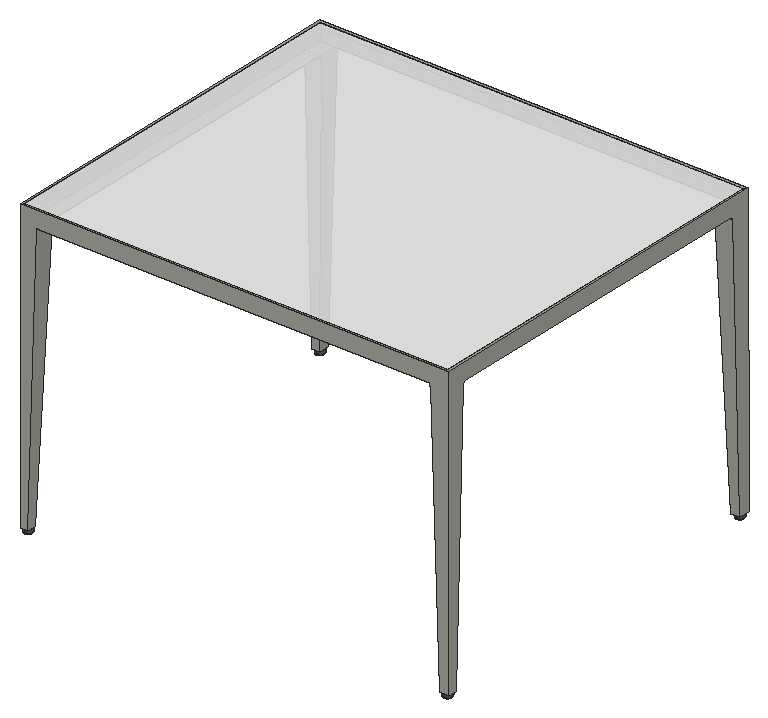
Revit family "Haworth_Janus_Slant_Table_Continental", category Furniture, Revit 2018
Family settings
  OmniClass Number = 23.40.70.14.64.21
  OmniClass Title = Systems Furniture
  Work Plane-Based = No
  Always vertical = Yes
  Cut with Voids When Loaded = No
  Shared = No
  Room Calculation Point = No
Parameters (values of type "HCJC-SL-TOR36-G")
  Warranty = "https://www.haworth.com/resources/product-info/warranties"
  URL - Product = "https://www.haworth.com/products/tables/outdoor/slant"
  Trim Finish [instance] = Haworth _ Paint _ Slant _ Sable
  Top Finish = Haworth _ Glass _ Frosted
  Standard Height = "24.75 in."  # constant formula
  Standard Depths = "31.5 in."  # constant formula
  Model = "HCJC-SL-TOR36-G"
  URL = "http://www.haworth.com/our-brands/haworth-collection"
  Size = "Verify Final Dim. w/ Haworth"  # constant formula
  Revision Number = "2"  # constant formula
  Manufacturer = "Haworth"  # constant formula
  Glide Finish = Haworth _ Polymer _ Black
  Description = "Haworth Janus Slant Continental Table"
  Author = "Haworth (Abd Rahman)"  # constant formula
  Assembly Code = "E2020200"
  Actual Width = 36"  # constant formula
  Actual Height = 24 3/4"  # constant formula
  Table Thickness = Actual Height - 3/8"  # 24 3/8"
  Actual Depth = 31 1/2"  # constant formula
Reference planes (in)
  plane 1 "Center F/B": y = -0.15866
  plane 2 "Floor": z = 0
  plane 3 "Center L/R": x = 0
  plane 4 "Table Edge Left": x = -18
  plane 5 "Table Edge Right": x = 18
  plane 6 "Table Edge Back": y = -15.90866
  plane 7 "Table Edge Front": y = 15.59134
  plane 8 "Table Top Top": z = 24.75
  plane 9: z = 0
  plane 10 "Table Bottom": z = 23.36407
  plane 11: z = 0.35028
  plane 12: z = 24.375
Forms (in)
  Extrusion 1, solid, material "Haworth _ Glass _ Frosted" <- "Top Finish"
    sketch origin (0, 0, 0) x (1, 0, 0) y (0, 1, 0)
      loop
        line (-17.80252, 15.34833) -> (-17.80252, -15.75671) -> (17.80255, -15.75671) -> (17.80255, 15.34833) -> (-17.80252, 15.34833)
    from 24.375 to 24.75
  Extrusion 2, solid, material "Haworth _ Paint _ Slant _ Sable" <- "Trim Finish"
    sketch origin (0, 0, 0) x (0, 1, 0) y (0, 0, 1)
      loop
        line (14.74731, 0.35028) -> (15.59134, 0.35028) -> (15.59134, 23.36407) -> (-15.90847, 23.36407) -> (-15.90847, 0.35028) -> (-15.15569, 0.35028) -> (-14.38624, 23.08191)
        arc (-14.38624, 23.08191) -> (-14.31072, 23.25433) -> (-14.13633, 23.32519) r 0.25
        line (-14.13633, 23.32519) -> (13.72795, 23.32519)
        arc (13.72795, 23.32519) -> (13.90483, 23.25193) -> (13.97809, 23.07505) r 0.25014
        line (13.97809, 23.07505) -> (14.74731, 0.35028)
    from 16.42522 to 18
  Extrusion 3, void
    sketch origin (0.03125, -0.15866, 0) x (1, 0, 0) y (0, 0, 1)
      loop
        line (15.78453, 0.35028) -> (17.21028, 0.35028) -> (16.4408, 23.08336)
        arc (16.4408, 23.08336) -> (16.36005, 23.27413) -> (16.17343, 23.36407) r 0.29353
        line (16.17343, 23.36407) -> (15.78453, 23.36407) -> (15.78453, 0.35028)
    from -18.20848 to 17.19738
  Extrusion 4, solid, material "Haworth _ Paint _ Slant _ Sable" <- "Trim Finish"
    sketch origin (0, 0, 0) x (0, 1, 0) y (0, 0, -1)
      loop
        line (14.74731, -0.35028) -> (13.97809, -23.07505)
        arc (13.97809, -23.07505) -> (13.90483, -23.25193) -> (13.72795, -23.32519) r 0.25014
        line (13.72795, -23.32519) -> (-14.13633, -23.32519)
        arc (-14.13633, -23.32519) -> (-14.31072, -23.25433) -> (-14.38624, -23.08191) r 0.25
        line (-14.38624, -23.08191) -> (-15.15569, -0.35028) -> (-15.90866, -0.35028) -> (-15.90866, -23.36407) -> (15.59134, -23.36407) -> (15.59134, -0.35028) -> (14.74731, -0.35028)
    from 16.4241 to 18
  Extrusion 5, void
    sketch origin (-0.25, -0.15866, 0) x (-1, 0, 0) y (0, 0, -1)
      loop
        line (17.10462, -0.35028) -> (15.78453, -0.35028) -> (15.78453, -23.36407) -> (16.32564, -23.36407) -> (17.10462, -0.35028)
    from -18.20848 to 17.19738
  Extrusion 6, solid, material "Haworth _ Paint _ Slant _ Sable" <- "Trim Finish"
    sketch origin (0, 0, 0) x (1, 0, 0) y (0, 1, 0)
      loop
        line (-18, -15.75671) -> (-18, -15.90866) -> (18, -15.90866) -> (18, -15.75671) -> (-18, -15.75671)
    from 23.36407 to 24.75
  Extrusion 7, solid, material "Haworth _ Paint _ Slant _ Sable" <- "Trim Finish"
    sketch origin (0, -0.37982, 0) x (1, 0, 0) y (0, 1, 0)
      loop
        line (-18, 15.72814) -> (18, 15.72814) -> (18, 15.97116) -> (-18, 15.97116) -> (-18, 15.72814)
    from 23.36407 to 24.75
  Extrusion 8, solid, material "Haworth _ Paint _ Slant _ Sable" <- "Trim Finish"
    sketch origin (-2.08642, -2.42063, 0) x (0, -1, 0) y (1, 0, 0)
      loop
        line (-18.01198, -15.75671) -> (-18.01198, -15.90866) -> (13.48802, -15.90866) -> (13.48802, -15.75671) -> (-18.01198, -15.75671)
    from 23.36407 to 24.75
  Extrusion 9, solid, material "Haworth _ Paint _ Slant _ Sable" <- "Trim Finish"
    sketch origin (2.09094, -2.40866, 0) x (0, 1, 0) y (-1, 0, 0)
      loop
        line (-13.5, -15.75671) -> (-13.5, -15.90866) -> (18, -15.90866) -> (18, -15.75671) -> (-13.5, -15.75671)
    from 23.36407 to 24.75
  Extrusion 10, solid, material "Haworth _ Paint _ Slant _ Sable" <- "Trim Finish"
    sketch origin (-2.02967, -2.40866, 0) x (0, 1, 0) y (-1, 0, 0)
      loop
        line (-13.34805, 15.72814) -> (17.75699, 15.72814) -> (17.75699, 15.97116) -> (-13.34805, 15.97116) -> (-13.34805, 15.72814)
    from 23.36407 to 24.75
  Revolve 11, solid, material "Haworth _ Polymer _ Black" <- "Glide Finish"
    sketch origin (17.625, 30.70314, 0) x (0, 1, 0) y (0, 0, 1)
      loop
        line (-15.51102, 0.35028) -> (-15.88424, 0.35028) -> (-15.88424, 0.1)
        arc (-15.88424, 0.1) -> (-15.85495, 0.02929) -> (-15.78424, 0) r 0.1
        line (-15.78424, 0) -> (-15.51102, 0) -> (-15.51102, 0.35028)
      axis (-15.51102, 0.35028) -> (-15.51102, 0)
    angle from 0 to 360
  Revolve 12, solid, material "Haworth _ Polymer _ Black" <- "Glide Finish"
    sketch origin (-17.64062, 30.66413, 0) x (0, 1, 0) y (0, 0, -1)
      loop
        line (-15.51102, -0.35028) -> (-15.51102, 0) -> (-15.78424, 0)
        arc (-15.78424, 0) -> (-15.85495, -0.02929) -> (-15.88424, -0.1) r 0.1
        line (-15.88424, -0.1) -> (-15.88424, -0.35028) -> (-15.51102, -0.35028)
      axis (-15.51102, -0.35028) -> (-15.51102, 0)
    angle from 0 to 360
  Revolve 13, solid, material "Haworth _ Polymer _ Black" <- "Glide Finish"
    sketch origin (-17.63281, -31.02046, 0) x (0, -1, 0) y (0, 0, 1)
      loop
        line (-15.51102, 0.35028) -> (-15.88424, 0.35028) -> (-15.88424, 0.1)
        arc (-15.88424, 0.1) -> (-15.85495, 0.02929) -> (-15.78424, 0) r 0.1
        line (-15.78424, 0) -> (-15.51102, 0) -> (-15.51102, 0.35028)
      axis (-15.51102, 0.35028) -> (-15.51102, 0)
    angle from 0 to 360
  Revolve 14, solid, material "Haworth _ Polymer _ Black" <- "Glide Finish"
    sketch origin (17.60937, -31.02046, 0) x (0, -1, 0) y (0, 0, -1)
      loop
        line (-15.51102, -0.35028) -> (-15.51102, 0) -> (-15.78424, 0)
        arc (-15.78424, 0) -> (-15.85495, -0.02929) -> (-15.88424, -0.1) r 0.1
        line (-15.88424, -0.1) -> (-15.88424, -0.35028) -> (-15.51102, -0.35028)
      axis (-15.51102, -0.35028) -> (-15.51102, 0)
    angle from 0 to 360
Cuts and joins
  Extrusion 3, Extrusion 5 cuts Extrusion 2
  Extrusion 5 cuts Extrusion 4
  joined: Extrusion 2, Extrusion 4, Extrusion 6, Extrusion 7, Extrusion 8, Extrusion 9, Extrusion 10
Lines and regions (in)
  Masking region 1
    outline origin (0, 0, 0) x (1, 0, 0) y (0, 1, 0)
      loop
        line (-18, 15.59134) -> (-18, -15.90866) -> (18, -15.90866) -> (18, 15.59134) -> (-18, 15.59134)
Dimensions and locks (in)
  "Actual Width": plane 4 "Table Edge Left" to plane 5 "Table Edge Right"
  equal spacing: plane 4 "Table Edge Left", plane 3 "Center L/R", plane 5 "Table Edge Right"
  "Actual Depth": plane 7 "Table Edge Front" to plane 6 "Table Edge Back"
  equal spacing: plane 7 "Table Edge Front", plane 1 "Center F/B", plane 6 "Table Edge Back"
  "Actual Height": plane 9 to plane 8 "Table Top Top"
  "Actual Height": plane 8 "Table Top Top" to plane 9
  aligned and locked: plane 5 "Table Edge Right" to Extrusion 2
  aligned and locked: plane 6 "Table Edge Back" to Extrusion 4 sketch curve
  aligned and locked: plane 7 "Table Edge Front" to Extrusion 7 sketch curve
  aligned and locked: plane 6 "Table Edge Back" to Extrusion 6 sketch curve
  aligned and locked: Extrusion 6 to plane 10 "Table Bottom"
  aligned and locked: Extrusion 7 to plane 10 "Table Bottom"
  aligned and locked: plane 8 "Table Top Top" to Extrusion 7
  aligned and locked: plane 8 "Table Top Top" to Extrusion 6
  aligned and locked: Extrusion 4 sketch curve to plane 7 "Table Edge Front"
  aligned and locked: plane 10 "Table Bottom" to Extrusion 4 sketch curve
  aligned and locked: plane 7 "Table Edge Front" to Extrusion 8
  aligned and locked: Extrusion 8 to plane 6 "Table Edge Back"
  aligned and locked: Extrusion 2 sketch curve to plane 10 "Table Bottom"
  aligned and locked: plane 7 "Table Edge Front" to Extrusion 2 sketch curve
  aligned and locked: Extrusion 6 sketch curve to plane 5 "Table Edge Right"
  aligned and locked: plane 4 "Table Edge Left" to Extrusion 6 sketch curve
  aligned and locked: Extrusion 9 to plane 6 "Table Edge Back"
  aligned and locked: plane 4 "Table Edge Left" to Masking region 1 sketch curve
  aligned and locked: Masking region 1 sketch curve to plane 5 "Table Edge Right"
  aligned and locked: Masking region 1 sketch curve to plane 7 "Table Edge Front"
  aligned and locked: plane 6 "Table Edge Back" to Masking region 1 sketch curve
Automatic sketch dimensions
  plane 4 "Table Edge Left" to Extrusion 1 sketch curve = 0.19748"
  Extrusion 1 sketch curve to plane 5 "Table Edge Right" = 0.19745"
  plane 6 "Table Edge Back" to Extrusion 1 sketch curve = 0.15195"
  Extrusion 1 sketch curve to plane 7 "Table Edge Front" = 0.24301"
  Extrusion 2 sketch curve to plane 11 = 0"  (x2)
  Extrusion 2 sketch curve to Extrusion 2 sketch curve = 0.84404"
  Extrusion 2 sketch curve to plane 10 "Table Bottom" = 0.28902"
  Extrusion 2 sketch curve to plane 7 "Table Edge Front" = 1.61325"
  Extrusion 2 sketch curve to plane 10 "Table Bottom" = 0.03887"
  Extrusion 2 sketch curve to plane 10 "Table Bottom" = 0.28888"
  plane 6 "Table Edge Back" to Extrusion 2 sketch curve = 1.77233"
  Extrusion 2 sketch curve to plane 10 "Table Bottom" = 0.28216"
  plane 6 "Table Edge Back" to Extrusion 2 sketch curve = 0.75297"
  plane 6 "Table Edge Back" to Extrusion 2 sketch curve = 0.00018"
  Extrusion 3 sketch curve to plane 10 "Table Bottom" = 0"
  Extrusion 3 sketch curve to plane 11 = 0"
  Extrusion 3 sketch curve to plane 5 "Table Edge Right" = 2.18422"
  Extrusion 3 sketch curve to Extrusion 3 sketch curve = 0.36297"
  Extrusion 3 sketch curve to Extrusion 3 sketch curve = 0.02592"
  Extrusion 3 sketch curve to plane 10 "Table Bottom" = 0.28071"
  Extrusion 3 sketch curve to Extrusion 3 sketch curve = 0.2933"
  Extrusion 3 sketch curve to plane 5 "Table Edge Right" = 0.75847"
  Extrusion 4 sketch curve to plane 11 = 0"  (x2)
  plane 6 "Table Edge Back" to Extrusion 4 sketch curve = 0.75297"
  Extrusion 4 sketch curve to plane 10 "Table Bottom" = 0.28216"
  plane 6 "Table Edge Back" to Extrusion 4 sketch curve = 1.52241"
  Extrusion 4 sketch curve to plane 10 "Table Bottom" = 0.03887"
  Extrusion 4 sketch curve to Extrusion 4 sketch curve = 0.24991"
  Extrusion 4 sketch curve to plane 7 "Table Edge Front" = 1.86339"
  Extrusion 4 sketch curve to plane 10 "Table Bottom" = 0.28902"
  Extrusion 4 sketch curve to plane 7 "Table Edge Front" = 0.84404"
  Extrusion 5 sketch curve to plane 11 = 0"
  Extrusion 5 sketch curve to plane 10 "Table Bottom" = 0"
  Extrusion 5 sketch curve to plane 4 "Table Edge Left" = 1.96547"
  Extrusion 5 sketch curve to Extrusion 5 sketch curve = 0.54111"
  Extrusion 5 sketch curve to plane 4 "Table Edge Left" = 0.64538"
  Extrusion 6 sketch curve to Extrusion 6 sketch curve = 0.15195"
  Extrusion 7 sketch curve to plane 4 "Table Edge Left" = 0"
  Extrusion 7 sketch curve to plane 5 "Table Edge Right" = 0"
  plane 7 "Table Edge Front" to Extrusion 7 sketch curve = 0.24301"
  Extrusion 8 sketch curve to plane 7 "Table Edge Front" = 0"
  Extrusion 8 sketch curve to plane 6 "Table Edge Back" = 0"
  plane 4 "Table Edge Left" to Extrusion 8 sketch curve = 0.00492"
  Extrusion 8 sketch curve to Extrusion 8 sketch curve = 0.15195"
  Extrusion 9 sketch curve to plane 6 "Table Edge Back" = 0"
  Extrusion 9 sketch curve to plane 7 "Table Edge Front" = 0"
  Extrusion 9 sketch curve to plane 5 "Table Edge Right" = 0.0004"
  Extrusion 9 sketch curve to Extrusion 9 sketch curve = 0.15195"
  plane 4 "Table Edge Left" to Extrusion 10 sketch curve = 0.00083"
  Extrusion 10 sketch curve to plane 6 "Table Edge Back" = 0.15195"
  plane 7 "Table Edge Front" to Extrusion 10 sketch curve = 0.24301"
  Extrusion 10 sketch curve to plane 4 "Table Edge Left" = 31/128"
  Revolve 11 sketch curve to plane 11 = 0"  (x2)
  Revolve 11 sketch curve to level = 0"  (x2)
  Revolve 11 sketch curve to plane 7 "Table Edge Front" = 0.77244"
  Revolve 11 sketch curve to Revolve 11 sketch curve = 0.1"
  Revolve 11 sketch curve to Revolve 11 sketch curve = 0.27321"
  Revolve 11 sketch curve to Revolve 11 sketch curve = 0"
  Revolve 12 sketch curve to plane 11 = 0"  (x2)
  Revolve 12 sketch curve to level = 0"  (x2)
  Revolve 12 sketch curve to plane 7 "Table Edge Front" = 0.81145"
  Revolve 12 sketch curve to Revolve 12 sketch curve = 0.1"
  Revolve 12 sketch curve to Revolve 12 sketch curve = 0.27321"
  Revolve 12 sketch curve to Revolve 12 sketch curve = 0"
  Revolve 13 sketch curve to plane 11 = 0"  (x2)
  Revolve 13 sketch curve to level = 0"  (x2)
  plane 6 "Table Edge Back" to Revolve 13 sketch curve = 0.77244"
  Revolve 13 sketch curve to Revolve 13 sketch curve = 0.1"
  Revolve 13 sketch curve to Revolve 13 sketch curve = 0.27321"
  Revolve 13 sketch curve to Revolve 13 sketch curve = 0"
  Revolve 14 sketch curve to plane 11 = 0"  (x2)
  Revolve 14 sketch curve to level = 0"  (x2)
  plane 6 "Table Edge Back" to Revolve 14 sketch curve = 0.77244"
  Revolve 14 sketch curve to Revolve 14 sketch curve = 0.1"
  Revolve 14 sketch curve to Revolve 14 sketch curve = 0.27321"
  Revolve 14 sketch curve to Revolve 14 sketch curve = 0"
